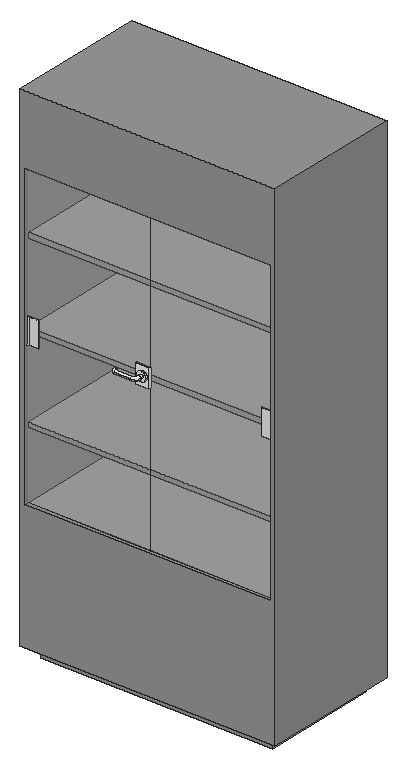
Revit family "Витрина уличная «Буккроссинг» красная Арт 13172", category Антураж, Revit 2018
Family settings
  На основе рабочей плоскости = Нет
  Всегда вертикально = Да
  При загрузке вырезать с полостями = Нет
  Источник визуального образа = Геометрия семейства
  Общий = Нет
  Точка расчета площади = Нет
Parameters (values of type "Витрина уличная Буккроссинг компактная")
  Ширина = 600 mm  # constant formula
  Описание = "Витрина уличная «Буккроссинг» красная"  # constant formula
  Материал изделия = "Сталь"  # constant formula
  Количество секций = 4  # constant formula
  Изображение типоразмера = Витрина уличная «Буккроссинг» красная 13172.jpg
  Изготовитель = "ООО «Хоббика»"  # constant formula
  Длина = 1100 mm  # constant formula
  Группа модели = "Павильоны, остановки, курилки, буккроссинг"  # constant formula
  Высота = 2200 mm  # constant formula
  Артикул товара = "Арт. 13172"  # constant formula
  URL = "https://hobbyka.ru/product/vitrina_ulichnaya_bukkrossing_krasnaya/"
Reference planes
  plane 1 "По центру (Вперед/Назад)": y = 0
  plane 2: z = 0
  plane 3 "По центру (Влево/Вправо)": x = 0
Forms (mm)
  Extrusion 1, solid, material "Красный"
    sketch origin (0, 0, 0) x (1, 0, 0) y (0, 1, 0)
      loop
        line (1050, 550) -> (50, 550) -> (50, 50) -> (1050, 50) -> (1050, 550)
    from 0 to 50
  Extrusion 2, solid, material "Красный"
    sketch origin (0, 0, 0) x (1, 0, 0) y (0, 1, 0)
      loop
        line (1100, 600) -> (0, 600) -> (0, 0) -> (1100, 0) -> (1100, 600)
    from 50 to 2200
  Extrusion 3, void
    sketch origin (0, 0, 0) x (1, 0, 0) y (0, 0, 1)
      loop
        line (20, 1900) -> (20, 600) -> (1080, 600) -> (1080, 1900) -> (20, 1900)
    from 0 to -600
  Extrusion 4, solid, material "Стекло"
    sketch origin (0, 0, 0) x (1, 0, 0) y (0, 0, 1)
      loop
        line (20, 1900) -> (20, 600) -> (550, 600) -> (550, 1900) -> (20, 1900)
    from -15 to -17
  Extrusion 5, solid, material "Хром"
    sketch origin (0, 0, 0) x (1, 0, 0) y (0, 1, 0)
      loop
        line (70, 15) -> (20, 15)
        arc (20, 15) -> (23.978, 10.105) -> (29.583, 13) r 5
        line (29.583, 13) -> (70, 13) -> (70, 15)
    from 1214.966 to 1325
  Extrusion 6, solid, material "Красный"
    sketch origin (0, 0, -50) x (1, 0, 0) y (0, 0, 1)
      loop
        line (20, 1695) -> (20, 1675) -> (1080, 1675) -> (1080, 1695) -> (20, 1695)
      loop
        line (20, 1330) -> (20, 1310) -> (1080, 1310) -> (1080, 1330) -> (20, 1330)
      loop
        line (20, 965) -> (20, 945) -> (1080, 945) -> (1080, 965) -> (20, 965)
    from -583 to -17
  Extrusion 7, solid, material "Стекло"
    sketch origin (1100, 0, 0) x (-1, 0, 0) y (0, 0, -1)
      loop
        line (20, -1900) -> (550, -1900) -> (550, -600) -> (20, -600) -> (20, -1900)
    from -15 to -17
  Extrusion 8, solid, material "Хром"
    sketch origin (1100, 0, 0) x (-1, 0, 0) y (0, -1, 0)
      loop
        line (70, -15) -> (70, -13) -> (29.583, -13)
        arc (29.583, -13) -> (23.978, -10.105) -> (20, -15) r 5
        line (20, -15) -> (70, -15)
    from 1214.966 to 1325
  Extrusion 9, solid, material "Стекло"
    sketch origin (0, 600, 0) x (1, 0, 0) y (0, 0, -1)
      loop
        line (20, -1900) -> (550, -1900) -> (550, -600) -> (20, -600) -> (20, -1900)
    from -15 to -17
  Extrusion 10, solid, material "Хром"
    sketch origin (0, 600, 0) x (1, 0, 0) y (0, 1, 0)
      loop
        line (70, -15) -> (70, -13) -> (29.583, -13)
        arc (29.583, -13) -> (23.978, -10.105) -> (20, -15) r 5
        line (20, -15) -> (70, -15)
    from 1214.966 to 1325
  Extrusion 11, solid, material "Стекло"
    sketch origin (1100, 600, 0) x (-1, 0, 0) y (0, 0, 1)
      loop
        line (20, 1900) -> (20, 600) -> (550, 600) -> (550, 1900) -> (20, 1900)
    from -15 to -17
  Extrusion 12, solid, material "Хром"
    sketch origin (1100, 600, 0) x (-1, 0, 0) y (0, -1, 0)
      loop
        line (70, 15) -> (20, 15)
        arc (20, 15) -> (23.978, 10.105) -> (29.583, 13) r 5
        line (29.583, 13) -> (70, 13) -> (70, 15)
    from 1214.966 to 1325
Cuts and joins
  Extrusion 3 cuts Extrusion 2
Lines and regions (mm)
  reference lines
    curve 1: line (1100, 0, 0) -> (1100, 600, 0)
    curve 2: line (1100, 600, 0) -> (0, 600, 0)
    curve 3: line (0, 0, 2200) -> (800, 0, 2200)
Dimensions and locks
  aligned and locked: level to plane 2
Nested families
  nested 1: "Handle Domestic (1)" at (515, 585, 1269.99), type "Handle Domestic (1)"
  nested 2: "Handle Domestic (1)" at (585, 15, 1269.99) x (-1, 0, 0) z (0, 0, 1), type "Handle Domestic (1)"
Definition of nested family "Handle Domestic (1)"
  Parameters (values of type "Handle Domestic (1)")
    Function = (empty or 0)
    Manufacturer = "Revit"
    Analytic Construction = "<Нет>"
    Material Ironmongery = none
    Handle Z Distance = 0 mm
    Handle X Distance = 65 mm
  Reference planes
    plane 1 "Center (Front/Back)": y = 0
    plane 2: z = 0
    plane 3 "Center (Left/Right)": x = 0
    plane 4: z = 0
    plane 5: x = 65
  Forms (mm)
    Extrusion 1, solid, material <- "Material Ironmongery"
      sketch origin (0, 0, 0) x (1, 0, 0) y (0, 0, 1)
        loop
          line (35, 40) -> (35, -40) -> (95, -40) -> (95, 40) -> (35, 40)
      from 0 to -6
    Sweep 2, solid, material <- "Material Ironmongery"
      path origin (0, 0, 0) x (0, -1, 0) y (1, 0, 0)
        loop
          line (-10.593, 65) -> (-26, 65)
          arc (-26, 65) -> (-36.607, 69.393) -> (-41, 80) r 15
          line (-41, 80) -> (-41, 152)
          arc (-41, 152) -> (-38.657, 157.657) -> (-33, 160) r 8
      profile origin (0, 18.296, 0) x (-1, 0, 0) y (0, 0, 1)
        loop
          circle (-65, 0) r 7
    Extrusion 3, solid, material <- "Material Ironmongery"
      sketch origin (0, 0, 0) x (1, 0, 0) y (0, 0, 1)
        loop
          circle (65, 0) r 20
      from -6 to -10.593
  Dimensions and locks
    "Handle Z Distance": plane 4 to level
    "Handle X Distance": plane 5 to plane 3 "Center (Left/Right)"
    aligned and locked: Extrusion 1 to Extrusion 3
    aligned and locked: Extrusion 3 to Sweep 2 sketch curve
  Automatic sketch dimensions
    Sweep 2 sketch curve to plane 4 = 0 mm
    Sweep 2 sketch curve to profile plane = 0 mm
    Extrusion 3 sketch curve to plane 4 = 0 mm
    Extrusion 3 sketch curve to plane 5 = 0 mm
    Sweep 2 sketch curve to plane 5 = 0 mm
    Sweep 2 sketch curve to plane 1 "Center (Front/Back)" = 41 mm
    Sweep 2 sketch curve to Sweep 2 sketch curve = 8 mm
    Sweep 2 sketch curve to Sweep 2 sketch curve = 15 mm
    Sweep 2 sketch curve to Sweep 2 sketch curve = 72 mm
    plane 5 to Extrusion 1 sketch curve = 30 mm
    Extrusion 1 sketch curve to plane 5 = 30 mm
    plane 4 to Extrusion 1 sketch curve = 40 mm
    Extrusion 1 sketch curve to plane 4 = 40 mm
    radius of Sweep 2 sketch curve = 7 mm
    radius of Extrusion 3 sketch curve = 20 mm
